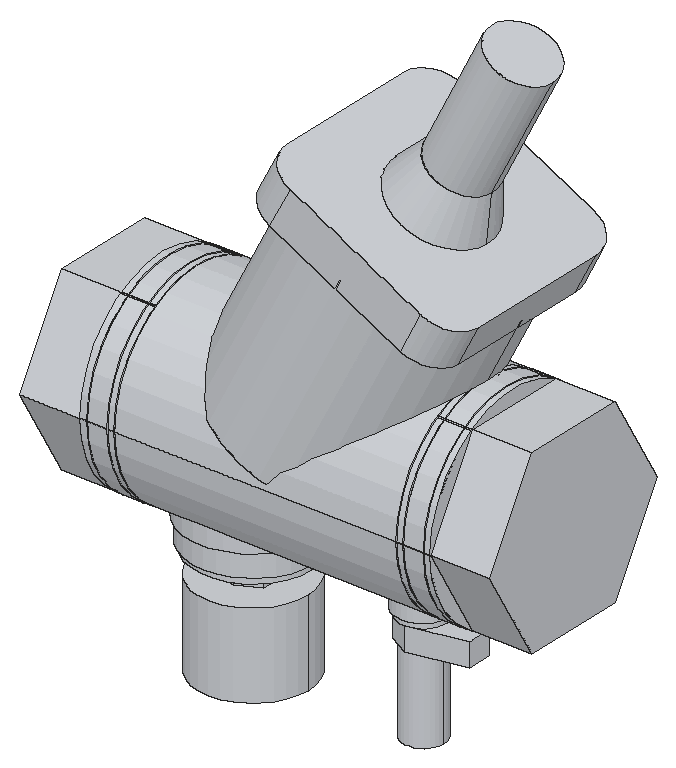
Revit family "Sigma_Compact_DN040_RFA_2018", category Pipe Accessories, Revit 2018
Family settings
  Round Connector Dimension = Use Diameter
  Part Type = Valve - Breaks Into
  Work Plane-Based = No
  Always vertical = Yes
  Cut with Voids When Loaded = No
  Shared = No
Parameters (values of type "Sigma Compact DN 40 s měřením")
  magiProductId = "4e1b5a17d6804847bd559f7e701d18"
  magiProductFamilyId = "3fdb776034814e15a56dcfd1ac03e4"
  magiPartTypeId = 304
  isMeasuringValve [instance] = no
  ang2D [instance] = 0.00°
  Z6 = 39.3 mm
  Z5 = 91.7 mm
  Z4 = 78.6 mm
  Z3 = 13.1 mm
  Z2 = 65.5 mm
  XR2 = 37.5 mm
  XR1 = 25.5 mm
  W2D = 32 mm
  VersionID = "2.0/2018.12.13.2/FRESE_SIGMA_PLUG_Q13_001"
  Use Minimum Symbol Size [instance] = no
  URL = "www.hydronix.cz"
  Type Comments = "závitový; vnitřní závit; PN25; max dp=400kPa; -10~+120°C; max uzavírací tlak 1MPa"
  R4 = 15 mm
  R3 = 10 mm
  R2 = 30.5 mm
  R1 = 31.5 mm
  QmdConnectorList = "301;D;302;D"
  Productdata [instance] = ""
  NL__ve = -NL  # -27.6 mm
  NL = 27.6 mm
  Manufacturer = "Hydronix"
  MC Use Limits From Balancing Method = no
  MC Throttling Minimum Value = 0
  MC Throttling Maximum Value = 0
  MC Product Code = "53-2206 DN40 FF s měřením; (719-7400 l/h); kvs=18,0"
  MC Pressure Drop Minimum Value = 0.0 Pa
  MC Pressure Drop Maximum Value = 0.0 Pa
  MC Piping Given Pressure Drop [instance] = 0.0 Pa
  M5 = 51.4 mm
  M4 = 49.4 mm
  M3 = 43.4 mm
  M2 = 41.4 mm
  LP = 69 mm
  LM = 82.8 mm
  LL__ve = -LL  # -7 mm
  LLT__ve = -LLT  # -24 mm
  LLT = 24 mm
  LLL = 11 mm
  LL3 = 54 mm
  LL2 = 45 mm
  LL = 7 mm
  L3 = 25 mm
  L2D_Min = 30.48 mm
  L2D = 82.4 mm
  Description = "Automatický vyvažovací ventil"
  DR1 = no
  DR0 = yes
  DL2 = 79 mm
  D = 40 mm
  CenSd_R2_6 = R2 * cos(30.00°)  # 26.414 mm
  CAT0 = yes
  C0D1 = no
  C0D0 = yes
Types (3, lengths in mm): name | magiProductId | Z6 | Z5 | Z4 | Z3 | Z2 | NL__ve | NL | MC Product Code | M5 | M4 | M3 | M2 | LP | LM | LL__ve | LLT__ve | LLT | LL3 | LL2 | LL | DL2 | D
  Sigma Compact DN 32 s měřením | "7bc6b6dac0dd45edbe26d667b48f95" | 33 | 77 | 66 | 11 | 55 | -20.8 | 20.8 | "53-2206 DN32 FF s měřením; (200-5000 l/h); kvs=10,9" | 41.2 | 39.2 | 33.2 | 31.2 | 52 | 62.4 | -6.8 | -22.6 | 22.6 | 52 | 43 | 6.8 | 77 | 32
  Sigma Compact DN 40 s měřením | "4e1b5a17d6804847bd559f7e701d18" | 39.3 | 91.7 | 78.6 | 13.1 | 65.5 | -27.6 | 27.6 | "53-2206 DN40 FF s měřením; (719-7400 l/h); kvs=18,0" | 51.4 | 49.4 | 43.4 | 41.4 | 69 | 82.8 | -7 | -24 | 24 | 54 | 45 | 7 | 79 | 40
  Sigma Compact DN 50 s měřením | "620459ae7aa94407adeea4e77bc07b" | 39.3 | 91.7 | 78.6 | 13.1 | 65.5 | -27.6 | 27.6 | "53-2207 DN50 FF s měřením; (900-10350 l/h); kvs=20,3" | 51.4 | 49.4 | 43.4 | 41.4 | 69 | 82.8 | -7.6 | -28.2 | 28.2 | 60 | 51 | 7.6 | 85 | 50
Reference planes
  plane 1 "Center (Front/Back)": y = 0
  plane 2 "XYPLANE": z = 0
  plane 3 "Center (Left/Right)": x = 0
  plane 4 "408": x = 69
  plane 5 "407": x = -69
  plane 6 "404": z = -47
  plane 7 "403": z = -54
  plane 8 "402": z = -79
  plane 9 "213": x = -25
  plane 10 "168": z = -20
  plane 11 "167": z = -22
  plane 12 "166": z = -29
  plane 13 "165": z = -36
  plane 14 "164": z = -38
  plane 15 "154": z = 0
  plane 16 "152": y = 0
  plane 17 "151": z = -45
  plane 18 "150": x = 25
  plane 19 "75": through (307.08, 0, 685.28) normal (0.891, 0, -0.454)
  plane 20 "74": x = 51.4
  plane 21 "73": x = 49.4
  plane 22 "72": x = 43.4
  plane 23 "71": x = 41.4
  plane 24 "70": x = -51.4
  plane 25 "69": x = -49.4
  plane 26 "68": x = -43.4
  plane 27 "67": y = 0
  plane 28 "66": through (-666.893, 0, 343.166) normal (0.454, 0, 0.891)
  plane 29 "65": x = -41.4
  plane 30 "64": through (335.147, 0, 670.979) normal (0.891, 0, -0.454)
  plane 31 "63": through (-638.519, 0, 398.854) normal (0.454, 0, 0.891)
  plane 32 "62": through (363.214, 0, 656.678) normal (0.891, 0, -0.454)
  plane 33 "61": y = 31.5
  plane 34 "60": y = -31.5
  plane 35 "59": through (-632.571, 0, 410.526) normal (0.454, 0, 0.891)
  plane 36 "58": through (-626.624, 0, 422.198) normal (0.454, 0, 0.891)
  plane 37 "56": x = 0
  plane 38 "55": through (-668.255, 0, 340.493) normal (0.454, 0, 0.891)
  plane 39 "102XY": through (-668.255, 0, 340.493) normal (0.454, 0, 0.891)
  plane 40 "102XZ": y = 0
  plane 41 "102YZ": through (340.493, 0, 668.255) normal (0.891, 0, -0.454)
Forms (mm)
  Extrusion 1, solid
    sketch origin (69, -750, 0) x (0, 1, 0) y (0, 0, 1)
      loop
        line (780.5, 0) -> (765.25, 26.414) -> (734.75, 26.414) -> (719.5, 0) -> (734.75, -26.414) -> (765.25, -26.414) -> (780.5, 0)
    from 0 to -27.6 <- "NL__ve"
  Extrusion 2, solid
    sketch origin (-69, -750, 0) x (0, 1, 0) y (0, 0, 1)
      loop
        line (719.5, 0) -> (734.75, -26.414) -> (765.25, -26.414) -> (780.5, 0) -> (765.25, 26.414) -> (734.75, 26.414) -> (719.5, 0)
    from 0 to 27.6 <- "NL"
  Extrusion 3, solid, visible <- "C0D1"
    sketch origin (-750, 0, -79) x (1, 0, 0) y (0, 1, 0)
      loop
        circle (725, 0) r 17.2
    from 0 to 50
  Extrusion 4, solid, visible <- "DR1"
    sketch origin (-750, 0, -47) x (1, 0, 0) y (0, 1, 0)
      loop
        line (725, -8) -> (731.928, -4) -> (731.928, 4) -> (725, 8) -> (707.872, 4) -> (707.872, -4) -> (725, -8)
    from 0 to -7 <- "LL__ve"
  Extrusion 5, solid, visible <- "DR1"
    sketch origin (-750, 0, -47) x (1, 0, 0) y (0, 1, 0)
      loop
        circle (725, 0) r 18.2
    from 0 to 11 <- "LLL"
  Extrusion 6, solid, visible <- "DR1"
    sketch origin (-750, 0, -36) x (1, 0, 0) y (0, 1, 0)
      loop
        circle (725, 0) r 19.2
    from 0 to 7 <- "LL"
  Extrusion 7, solid, visible <- "DR1"
    sketch origin (-750, 0, -29) x (1, 0, 0) y (0, 1, 0)
      loop
        circle (725, 0) r 20.2
    from 0 to 7 <- "LL"
  Blend 8, solid, visible <- "DR1"
    base sketch origin (-750, 0, -20) x (1, 0, 0) y (0, 1, 0)
      loop
        circle (725, 0) r 17.7
    top sketch origin (-750, 0, -20) x (1, 0, 0) y (0, 1, 0)
      loop
        circle (725, 0) r 20.2
    from 0 to -2
  Extrusion 9, solid, visible <- "DR1"
    sketch origin (-750, 0, 0) x (1, 0, 0) y (0, 1, 0)
      loop
        circle (725, 0) r 17.7
    from 0 to -24 <- "LLT__ve"
  Extrusion 10, solid, visible <- "C0D0"
    sketch origin (-750, 0, -45) x (1, 0, 0) y (0, 1, 0)
      loop
        circle (725, 0) r 16.2
    from 0 to -25
  Extrusion 11, solid, visible <- "DR0"
    sketch origin (-750, 0, -38) x (1, 0, 0) y (0, 1, 0)
      loop
        line (725, -7) -> (731.062, -3.5) -> (731.062, 3.5) -> (725, 7) -> (708.738, 3.5) -> (708.738, -3.5) -> (725, -7)
    from 0 to -7 <- "LL__ve"
  Extrusion 12, solid, visible <- "DR0"
    sketch origin (-750, 0, -38) x (1, 0, 0) y (0, 1, 0)
      loop
        circle (725, 0) r 17.2
    from 0 to 2
  Extrusion 13, solid, visible <- "DR0"
    sketch origin (-750, 0, -29) x (1, 0, 0) y (0, 1, 0)
      loop
        circle (725, 0) r 19.2
    from 0 to 7 <- "LL"
  Blend 14, solid, visible <- "DR0"
    base sketch origin (-750, 0, -20) x (1, 0, 0) y (0, 1, 0)
      loop
        circle (725, 0) r 16.7
    top sketch origin (-750, 0, -20) x (1, 0, 0) y (0, 1, 0)
      loop
        circle (725, 0) r 19.2
    from 0 to -2
  Extrusion 15, solid, visible <- "DR0"
    sketch origin (-750, 0, 0) x (1, 0, 0) y (0, 1, 0)
      loop
        circle (725, 0) r 16.7
    from 0 to -24 <- "LLT__ve"
  Extrusion 16, solid, visible <- "DR0"
    sketch origin (-750, 0, 0) x (1, 0, 0) y (0, 1, 0)
      loop
        circle (725, 0) r 16.7
    from 0 to -24 <- "LLT__ve"
  Blend 17, solid, visible <- "DR0"
    base sketch origin (-750, 0, -20) x (1, 0, 0) y (0, 1, 0)
      loop
        circle (725, 0) r 16.7
    top sketch origin (-750, 0, -20) x (1, 0, 0) y (0, 1, 0)
      loop
        circle (725, 0) r 19.2
    from 0 to -2
  Extrusion 18, solid, visible <- "DR0"
    sketch origin (-750, 0, -29) x (1, 0, 0) y (0, 1, 0)
      loop
        circle (725, 0) r 19.2
    from 0 to 7 <- "LL"
  Extrusion 19, solid, visible <- "DR0"
    sketch origin (-750, 0, -36) x (1, 0, 0) y (0, 1, 0)
      loop
        circle (725, 0) r 18.2
    from 0 to 7 <- "LL"
  Extrusion 20, solid, visible <- "DR0"
    sketch origin (-750, 0, -38) x (1, 0, 0) y (0, 1, 0)
      loop
        circle (725, 0) r 17.2
    from 0 to 2
  Extrusion 21, solid, visible <- "DR0"
    sketch origin (-750, 0, -38) x (1, 0, 0) y (0, 1, 0)
      loop
        line (725, -7) -> (731.062, -3.5) -> (731.062, 3.5) -> (725, 7) -> (708.738, 3.5) -> (708.738, -3.5) -> (725, -7)
    from 0 to -7 <- "LL__ve"
  Extrusion 22, solid, visible <- "C0D0"
    sketch origin (-750, 0, -45) x (1, 0, 0) y (0, 1, 0)
      loop
        circle (725, 0) r 16.2
    from 0 to -25
  Extrusion 23, solid, visible <- "CAT0"
    sketch origin (-750, 0, -45) x (1, 0, 0) y (0, 1, 0)
      loop
        circle (775, 0) r 6
    from 0 to -25
  Extrusion 24, solid
    sketch origin (-750, 0, -38) x (1, 0, 0) y (0, 1, 0)
      loop
        line (775, -7) -> (791.262, -3.5) -> (791.262, 3.5) -> (775, 7) -> (768.938, 3.5) -> (768.938, -3.5) -> (775, -7)
    from 0 to -7 <- "LL__ve"
  Extrusion 25, solid
    sketch origin (-750, 0, -38) x (1, 0, 0) y (0, 1, 0)
      loop
        circle (775, 0) r 7
    from 0 to 2
  Extrusion 26, solid
    sketch origin (-750, 0, -36) x (1, 0, 0) y (0, 1, 0)
      loop
        circle (775, 0) r 8
    from 0 to 7 <- "LL"
  Extrusion 27, solid
    sketch origin (-750, 0, -29) x (1, 0, 0) y (0, 1, 0)
      loop
        circle (775, 0) r 9
    from 0 to 7 <- "LL"
  Blend 28, solid
    base sketch origin (-750, 0, -20) x (1, 0, 0) y (0, 1, 0)
      loop
        circle (775, 0) r 6.5
    top sketch origin (-750, 0, -20) x (1, 0, 0) y (0, 1, 0)
      loop
        circle (775, 0) r 9
    from 0 to -2
  Extrusion 29, solid
    sketch origin (-750, 0, 0) x (1, 0, 0) y (0, 1, 0)
      loop
        circle (775, 0) r 6.5
    from 0 to -24 <- "LLT__ve"
  Blend 30, solid, visible <- "CAT0"
    base sketch origin (49.4, -750, 0) x (0, 1, 0) y (0, 0, 1)
      loop
        circle (750, 0) r 30.5
    top sketch origin (49.4, -750, 0) x (0, 1, 0) y (0, 0, 1)
      loop
        circle (750, 0) r 30.5
    from 0 to 2
  Extrusion 31, solid, visible <- "CAT0"
    sketch origin (43.4, -750, 0) x (0, 1, 0) y (0, 0, 1)
      loop
        circle (750, 0) r 30.5
    from 0 to 6
  Blend 32, solid, visible <- "CAT0"
    base sketch origin (41.4, -750, 0) x (0, 1, 0) y (0, 0, 1)
      loop
        circle (750, 0) r 30.5
    top sketch origin (41.4, -750, 0) x (0, 1, 0) y (0, 0, 1)
      loop
        circle (750, 0) r 30.5
    from 0 to 2
  Blend 33, solid, visible <- "CAT0"
    base sketch origin (-49.4, -750, 0) x (0, 1, 0) y (0, 0, 1)
      loop
        circle (750, 0) r 30.5
    top sketch origin (-49.4, -750, 0) x (0, 1, 0) y (0, 0, 1)
      loop
        circle (750, 0) r 30.5
    from 0 to -2
  Extrusion 34, solid, visible <- "CAT0"
    sketch origin (-49.4, -750, 0) x (0, 1, 0) y (0, 0, 1)
      loop
        circle (750, 0) r 30.5
    from 0 to 6
  Blend 35, solid, visible <- "CAT0"
    base sketch origin (-43.4, -750, 0) x (0, 1, 0) y (0, 0, 1)
      loop
        circle (750, 0) r 30.5
    top sketch origin (-43.4, -750, 0) x (0, 1, 0) y (0, 0, 1)
      loop
        circle (750, 0) r 30.5
    from 0 to 2
  Extrusion 36, solid, visible <- "CAT0"
    sketch origin (-41.4, -750, 0) x (0, 1, 0) y (0, 0, 1)
      loop
        circle (750, 0) r 30.5
    from 0 to 82.8 <- "LM"
  Extrusion 37, solid, visible <- "CAT0"
    sketch origin (-666.893, 0, 343.166) x (0.891007, 0, -0.45399) y (0, 1, 0)
      loop
        circle (744, 0) r 31.5
    from 0 to 65.5 <- "Z2"
  Extrusion 38, solid, visible <- "CAT0"
    sketch origin (-638.519, 0, 398.854) x (0.891007, 0, -0.45399) y (0, 1, 0)
      loop
        arc (722.5, 31.5) -> (715.429, 28.571) -> (712.5, 21.5) r 10
        line (712.5, 21.5) -> (712.5, -21.5)
        arc (712.5, -21.5) -> (715.429, -28.571) -> (722.5, -31.5) r 10
        line (722.5, -31.5) -> (765.5, -31.5)
        arc (765.5, -31.5) -> (772.571, -28.571) -> (775.5, -21.5) r 10
        line (775.5, -21.5) -> (775.5, 21.5)
        arc (775.5, 21.5) -> (772.571, 28.571) -> (765.5, 31.5) r 10
        line (765.5, 31.5) -> (722.5, 31.5)
    from 0 to 13.1 <- "Z3"
  Blend 39, solid, visible <- "CAT0"
    base sketch origin (-632.571, 0, 410.526) x (0.891007, 0, -0.45399) y (0, 1, 0)
      loop
        circle (744, 0) r 15
    top sketch origin (-632.571, 0, 410.526) x (0.891007, 0, -0.45399) y (0, 1, 0)
      loop
        circle (744, 0) r 10
    from 0 to 13.1
  Extrusion 40, solid, visible <- "CAT0"
    sketch origin (-626.624, 0, 422.198) x (0.891007, 0, -0.45399) y (0, 1, 0)
      loop
        circle (744, 0) r 10
    from 0 to 39.3 <- "Z6"
  Blend 41, solid, visible <- "CAT0"
    base sketch origin (-668.255, 0, 340.493) x (0.891007, 0, -0.45399) y (0, 1, 0)
      loop
        circle (744, 0) r 15
    top sketch origin (-668.255, 0, 340.493) x (0.891007, 0, -0.45399) y (0, 1, 0)
      loop
        circle (744, 0) r 31.5
    from 0 to 3
  Extrusion 42, solid, not visible
    sketch origin (-51.4, -750, 0) x (0, 1, 0) y (0, 0, 1)
      loop
        circle (750, 0) r 10
    from 0 to 10
  Extrusion 43, solid, not visible
    sketch origin (51.4, -750, 0) x (0, 1, 0) y (0, 0, 1)
      loop
        circle (750, 0) r 10
    from 0 to -10
Lines and regions (mm)
  reference lines, not visible
    curve 1: circle (2, 2, 0) r 1 normal (0, 0, 1)
  reference lines
    curve 2: line (69, 0, 0) -> (69, -7.625, 13.207)
    curve 3: line (69, 0, 0) -> (69, -15.25, 0)
    curve 4: line (69, 0, 0) -> (69, -7.625, -13.207)
    curve 5: line (-69, 0, 0) -> (-69, 7.625, 13.207)
    curve 6: line (-69, 0, 0) -> (-69, 15.25, 0)
    curve 7: line (-69, 0, 0) -> (-69, 7.625, -13.207)
Dimensions and locks
  plane 1 "Center (Front/Back)" to curve 1 = 2 mm
  "LP": plane 37 "56" to plane 4 "408"
  "LP": plane 37 "56" to plane 5 "407"
  "LL": plane 7 "403" to plane 6 "404"
  "LL3": plane 2 "XYPLANE" to plane 7 "403"
  "DL2": plane 2 "XYPLANE" to plane 8 "402"
  "L3": plane 3 "Center (Left/Right)" to plane 9 "213"
  locked: plane 11 "167" to plane 10 "168" at 2
  "LL": plane 12 "166" to plane 11 "167"
  "LL": plane 13 "165" to plane 12 "166"
  locked: plane 14 "164" to plane 13 "165" at 2
  "LL": plane 17 "151" to plane 14 "164"
  locked: plane 2 "XYPLANE" to plane 15 "154"
  locked: plane 1 "Center (Front/Back)" to plane 16 "152"
  "LL2": plane 2 "XYPLANE" to plane 17 "151"
  "L3": plane 3 "Center (Left/Right)" to plane 18 "150"
  "XR2": plane 41 "102YZ" to plane 19 "75"
  "M5": plane 3 "Center (Left/Right)" to plane 20 "74"
  "M4": plane 3 "Center (Left/Right)" to plane 21 "73"
  "M3": plane 3 "Center (Left/Right)" to plane 22 "72"
  "M2": plane 3 "Center (Left/Right)" to plane 23 "71"
  "M5": plane 3 "Center (Left/Right)" to plane 24 "70"
  "M4": plane 3 "Center (Left/Right)" to plane 25 "69"
  "M3": plane 3 "Center (Left/Right)" to plane 26 "68"
  locked: plane 16 "152" to plane 27 "67"
  locked: plane 39 "102XY" to plane 28 "66" at 3
  "M2": plane 3 "Center (Left/Right)" to plane 29 "65"
  locked: plane 41 "102YZ" to plane 30 "64" at 6
  "Z2": plane 39 "102XY" to plane 31 "63"
  "XR1": plane 41 "102YZ" to plane 32 "62"
  "R1": plane 16 "152" to plane 33 "61"
  "R1": plane 16 "152" to plane 34 "60"
  "Z4": plane 39 "102XY" to plane 35 "59"
  "Z5": plane 39 "102XY" to plane 36 "58"
  locked: plane 3 "Center (Left/Right)" to plane 37 "56"
  locked: plane 39 "102XY" to plane 38 "55"
  "CenSd_R2_6": curve 2 to Extrusion 1 sketch curve  (x2)
  "CenSd_R2_6": curve 3 to Extrusion 1 sketch curve  (x2)
  "CenSd_R2_6": curve 4 to Extrusion 1 sketch curve  (x2)
  Extrusion 1 sketch curve to Extrusion 1 sketch curve = 0 mm  (x12)
  "CenSd_R2_6": curve 5 to Extrusion 2 sketch curve  (x2)
  "CenSd_R2_6": curve 6 to Extrusion 2 sketch curve  (x2)
  "CenSd_R2_6": curve 7 to Extrusion 2 sketch curve  (x2)
  Extrusion 2 sketch curve to Extrusion 2 sketch curve = 0 mm  (x12)
  Extrusion 4 sketch curve to Extrusion 4 sketch curve = 0 mm  (x12)
  Extrusion 11 sketch curve to Extrusion 11 sketch curve = 0 mm  (x12)
  Extrusion 21 sketch curve to Extrusion 21 sketch curve = 0 mm  (x12)
  Extrusion 24 sketch curve to Extrusion 24 sketch curve = 0 mm  (x12)
  Extrusion 38 sketch curve to Extrusion 38 sketch curve = 0 mm  (x16)
  "R2": radius of Blend 30 sketch curve  (x2)
  "R2": radius of Extrusion 31 sketch curve
  "R2": radius of Blend 32 sketch curve  (x2)
  "R2": radius of Blend 33 sketch curve  (x2)
  "R2": radius of Extrusion 34 sketch curve
  "R2": radius of Blend 35 sketch curve  (x2)
  "R2": radius of Extrusion 36 sketch curve
  "R1": radius of Extrusion 37 sketch curve
  radius of Extrusion 38 sketch curve = 10 mm  (x4)
  "R3": radius of Blend 39 sketch curve
  "R4": radius of Blend 39 sketch curve
  "R3": radius of Extrusion 40 sketch curve
  "R1": radius of Blend 41 sketch curve
  locked: curve 3 to curve 2 (angle 60.00°)
  locked: curve 4 to curve 3 (angle 60.00°)
  locked: curve 4 to curve 2 (angle 120.00°)
  locked: curve 6 to curve 5 (angle 60.00°)
  locked: curve 7 to curve 6 (angle 60.00°)
  locked: curve 7 to curve 5 (angle 120.00°)
  aligned and locked: level to plane 2 "XYPLANE"
  aligned and locked: plane 15 "154" to curve 4
  aligned and locked: curve 4 to plane 16 "152"
  aligned and locked: plane 15 "154" to curve 7
  aligned and locked: curve 7 to plane 16 "152"
  aligned and locked: plane 9 "213" to Extrusion 3 sketch curve
  aligned and locked: plane 16 "152" to Extrusion 3 sketch curve
  aligned and locked: plane 9 "213" to Extrusion 5 sketch curve
  aligned and locked: plane 16 "152" to Extrusion 5 sketch curve
  aligned and locked: plane 9 "213" to Extrusion 6 sketch curve
  aligned and locked: plane 16 "152" to Extrusion 6 sketch curve
  aligned and locked: plane 9 "213" to Extrusion 7 sketch curve
  aligned and locked: plane 16 "152" to Extrusion 7 sketch curve
  aligned and locked: plane 9 "213" to Blend 8 sketch curve  (x2)
  aligned and locked: plane 16 "152" to Blend 8 sketch curve  (x2)
  aligned and locked: Blend 8 to plane 11 "167"
  aligned and locked: plane 9 "213" to Extrusion 9 sketch curve
  aligned and locked: plane 16 "152" to Extrusion 9 sketch curve
  aligned and locked: plane 9 "213" to Extrusion 10 sketch curve
  aligned and locked: plane 16 "152" to Extrusion 10 sketch curve
  aligned and locked: plane 9 "213" to Extrusion 12 sketch curve
  aligned and locked: plane 16 "152" to Extrusion 12 sketch curve
  aligned and locked: plane 9 "213" to Extrusion 13 sketch curve
  aligned and locked: plane 16 "152" to Extrusion 13 sketch curve
  aligned and locked: plane 9 "213" to Blend 14 sketch curve  (x2)
  aligned and locked: plane 16 "152" to Blend 14 sketch curve  (x2)
  aligned and locked: Blend 14 to plane 11 "167"
  aligned and locked: plane 9 "213" to Extrusion 15 sketch curve
  aligned and locked: plane 16 "152" to Extrusion 15 sketch curve
  aligned and locked: plane 9 "213" to Extrusion 16 sketch curve
  aligned and locked: plane 16 "152" to Extrusion 16 sketch curve
  aligned and locked: plane 9 "213" to Blend 17 sketch curve  (x2)
  aligned and locked: plane 16 "152" to Blend 17 sketch curve  (x2)
  aligned and locked: Blend 17 to plane 11 "167"
  aligned and locked: plane 9 "213" to Extrusion 18 sketch curve
  aligned and locked: plane 16 "152" to Extrusion 18 sketch curve
  aligned and locked: plane 9 "213" to Extrusion 19 sketch curve
  aligned and locked: plane 16 "152" to Extrusion 19 sketch curve
  aligned and locked: plane 9 "213" to Extrusion 20 sketch curve
  aligned and locked: plane 16 "152" to Extrusion 20 sketch curve
  aligned and locked: plane 9 "213" to Extrusion 22 sketch curve
  aligned and locked: plane 16 "152" to Extrusion 22 sketch curve
  aligned and locked: plane 16 "152" to Extrusion 23 sketch curve
  aligned and locked: plane 18 "150" to Extrusion 23 sketch curve
  aligned and locked: plane 16 "152" to Extrusion 25 sketch curve
  aligned and locked: plane 18 "150" to Extrusion 25 sketch curve
  aligned and locked: plane 16 "152" to Extrusion 26 sketch curve
  aligned and locked: plane 18 "150" to Extrusion 26 sketch curve
  aligned and locked: plane 16 "152" to Extrusion 27 sketch curve
  aligned and locked: plane 18 "150" to Extrusion 27 sketch curve
  aligned and locked: plane 16 "152" to Blend 28 sketch curve  (x2)
  aligned and locked: plane 18 "150" to Blend 28 sketch curve  (x2)
  aligned and locked: Blend 28 to plane 11 "167"
  aligned and locked: plane 16 "152" to Extrusion 29 sketch curve
  aligned and locked: plane 18 "150" to Extrusion 29 sketch curve
  aligned and locked: plane 15 "154" to Blend 30 sketch curve  (x2)
  aligned and locked: Blend 30 sketch curve to plane 16 "152"  (x2)
  aligned and locked: plane 20 "74" to Blend 30
  aligned and locked: plane 15 "154" to Extrusion 31 sketch curve
  aligned and locked: Extrusion 31 sketch curve to plane 16 "152"
  aligned and locked: plane 15 "154" to Blend 32 sketch curve  (x2)
  aligned and locked: Blend 32 sketch curve to plane 16 "152"  (x2)
  aligned and locked: plane 22 "72" to Blend 32
  aligned and locked: plane 15 "154" to Blend 33 sketch curve  (x2)
  aligned and locked: Blend 33 sketch curve to plane 16 "152"  (x2)
  aligned and locked: Blend 33 to plane 24 "70"
  aligned and locked: plane 15 "154" to Extrusion 34 sketch curve
  aligned and locked: Extrusion 34 sketch curve to plane 16 "152"
  aligned and locked: plane 15 "154" to Blend 35 sketch curve  (x2)
  aligned and locked: Blend 35 sketch curve to plane 16 "152"  (x2)
  aligned and locked: plane 29 "65" to Blend 35
  aligned and locked: plane 15 "154" to Extrusion 36 sketch curve
  aligned and locked: Extrusion 36 sketch curve to plane 16 "152"
  aligned and locked: plane 27 "67" to Extrusion 37 sketch curve
  aligned and locked: Extrusion 37 sketch curve to plane 30 "64"
  aligned and locked: Extrusion 38 sketch curve to plane 19 "75"
  aligned and locked: Extrusion 38 sketch curve to plane 34 "60"
  aligned and locked: Extrusion 38 sketch curve to plane 32 "62"
  aligned and locked: plane 33 "61" to Extrusion 38 sketch curve
  aligned and locked: plane 27 "67" to Blend 39 sketch curve  (x2)
  aligned and locked: Blend 39 sketch curve to plane 30 "64"  (x2)
  aligned and locked: plane 36 "58" to Blend 39
  aligned and locked: plane 27 "67" to Extrusion 40 sketch curve
  aligned and locked: Extrusion 40 sketch curve to plane 30 "64"
  aligned and locked: plane 27 "67" to Blend 41 sketch curve  (x2)
  aligned and locked: Blend 41 sketch curve to plane 30 "64"  (x2)
  aligned and locked: plane 28 "66" to Blend 41
  aligned and locked: plane 15 "154" to Extrusion 42 sketch curve
  aligned and locked: Extrusion 42 sketch curve to plane 16 "152"
  aligned and locked: plane 15 "154" to Extrusion 43 sketch curve
  aligned and locked: Extrusion 43 sketch curve to plane 16 "152"
Automatic sketch dimensions
  Extrusion 3 sketch curve to plane 29 "65" = 0.8 mm
  Extrusion 4 sketch curve to plane 9 "213" = 0 mm  (x2)
  Extrusion 4 sketch curve to plane 29 "65" = 0.728 mm
  plane 9 "213" to Extrusion 4 sketch curve = 6.928 mm
  plane 1 "Center (Front/Back)" to Extrusion 4 sketch curve = 8 mm
  plane 1 "Center (Front/Back)" to Extrusion 4 sketch curve = 4 mm  (x2)
  Extrusion 4 sketch curve to plane 1 "Center (Front/Back)" = 4 mm  (x2)
  Extrusion 4 sketch curve to plane 1 "Center (Front/Back)" = 8 mm
  plane 26 "68" to Extrusion 5 sketch curve = 0.2 mm
  Extrusion 6 sketch curve to plane 26 "68" = 0.8 mm
  Extrusion 7 sketch curve to plane 26 "68" = 1.8 mm
  plane 26 "68" to Blend 8 sketch curve = 0.7 mm
  Blend 8 sketch curve to plane 26 "68" = 1.8 mm
  plane 26 "68" to Extrusion 9 sketch curve = 0.7 mm
  plane 29 "65" to Extrusion 10 sketch curve = 0.2 mm
  Extrusion 11 sketch curve to plane 9 "213" = 0 mm  (x2)
  plane 29 "65" to Extrusion 11 sketch curve = 0.138 mm
  plane 9 "213" to Extrusion 11 sketch curve = 6.062 mm
  plane 1 "Center (Front/Back)" to Extrusion 11 sketch curve = 7 mm
  plane 1 "Center (Front/Back)" to Extrusion 11 sketch curve = 3.5 mm  (x2)
  Extrusion 11 sketch curve to plane 1 "Center (Front/Back)" = 3.5 mm  (x2)
  Extrusion 11 sketch curve to Extrusion 11 sketch curve = 3.5 mm
  Extrusion 12 sketch curve to plane 29 "65" = 0.8 mm
  Extrusion 13 sketch curve to plane 26 "68" = 0.8 mm
  Blend 14 sketch curve to plane 29 "65" = 0.3 mm
  Blend 14 sketch curve to plane 26 "68" = 0.8 mm
  Extrusion 15 sketch curve to plane 29 "65" = 0.3 mm
  Extrusion 16 sketch curve to plane 29 "65" = 0.3 mm
  Blend 17 sketch curve to plane 29 "65" = 0.3 mm
  Blend 17 sketch curve to plane 26 "68" = 0.8 mm
  Extrusion 18 sketch curve to plane 26 "68" = 0.8 mm
  plane 26 "68" to Extrusion 19 sketch curve = 0.2 mm
  Extrusion 20 sketch curve to plane 29 "65" = 0.8 mm
  Extrusion 21 sketch curve to plane 9 "213" = 0 mm  (x2)
  plane 29 "65" to Extrusion 21 sketch curve = 0.138 mm
  plane 9 "213" to Extrusion 21 sketch curve = 6.062 mm
  plane 1 "Center (Front/Back)" to Extrusion 21 sketch curve = 7 mm
  plane 1 "Center (Front/Back)" to Extrusion 21 sketch curve = 3.5 mm  (x2)
  Extrusion 21 sketch curve to plane 1 "Center (Front/Back)" = 3.5 mm  (x2)
  Extrusion 21 sketch curve to Extrusion 21 sketch curve = 3.5 mm
  plane 29 "65" to Extrusion 22 sketch curve = 0.2 mm
  Extrusion 23 sketch curve to plane 18 "150" = 6 mm
  Extrusion 24 sketch curve to plane 18 "150" = 0 mm  (x2)
  Extrusion 24 sketch curve to plane 18 "150" = 6.062 mm
  Extrusion 24 sketch curve to plane 23 "71" = 0.138 mm
  plane 1 "Center (Front/Back)" to Extrusion 24 sketch curve = 7 mm
  plane 1 "Center (Front/Back)" to Extrusion 24 sketch curve = 3.5 mm  (x2)
  Extrusion 24 sketch curve to plane 1 "Center (Front/Back)" = 3.5 mm  (x2)
  Extrusion 24 sketch curve to Extrusion 24 sketch curve = 3.5 mm
  Extrusion 25 sketch curve to plane 18 "150" = 7 mm
  Extrusion 26 sketch curve to plane 18 "150" = 8 mm
  Extrusion 27 sketch curve to Extrusion 27 sketch curve = 9 mm
  Blend 28 sketch curve to plane 18 "150" = 6.5 mm
  Blend 28 sketch curve to Blend 28 sketch curve = 9 mm
  Extrusion 29 sketch curve to plane 18 "150" = 6.5 mm
  Blend 41 sketch curve to Blend 41 sketch curve = 15 mm
  plane 1 "Center (Front/Back)" to Extrusion 42 sketch curve = 10 mm
  plane 1 "Center (Front/Back)" to Extrusion 43 sketch curve = 10 mm
  plane 3 "Center (Left/Right)" to curve 1 = 2 mm
  radius of curve 1 = 1 mm
Connectors
  piping at (-51.4, 0, 0), diameter 40, driven by "D"
    settings: on Extrusion 42, index 1, connector inside diameter 609.6 mm, connector length 0 mm, flow factor 0, pipe flow 0.0 L/s, pressure drop 0.0 Pa, fitting loss kfactor 0, connector angle 0.00°, fixture units 0, engagement length 0 mm, angle of deflection 0.00°, flow configuration 0, flow direction 0, fitting loss method 0, system type 29, joint type 0, gender type 0, connector reference index 2, connector utility 0, adjustable connector no, is connector primary yes, connector description ""
  piping at (51.4, 0, 0), diameter 40, driven by "D"
    settings: on Extrusion 43, index 2, connector inside diameter 609.6 mm, connector length 0 mm, flow factor 0, pipe flow 0.0 L/s, pressure drop 0.0 Pa, fitting loss kfactor 0, connector angle 0.00°, fixture units 0, engagement length 0 mm, angle of deflection 0.00°, flow configuration 0, flow direction 0, fitting loss method 0, system type 29, joint type 0, gender type 0, connector reference index 1, connector utility 0, adjustable connector no, is connector primary no, connector description ""
